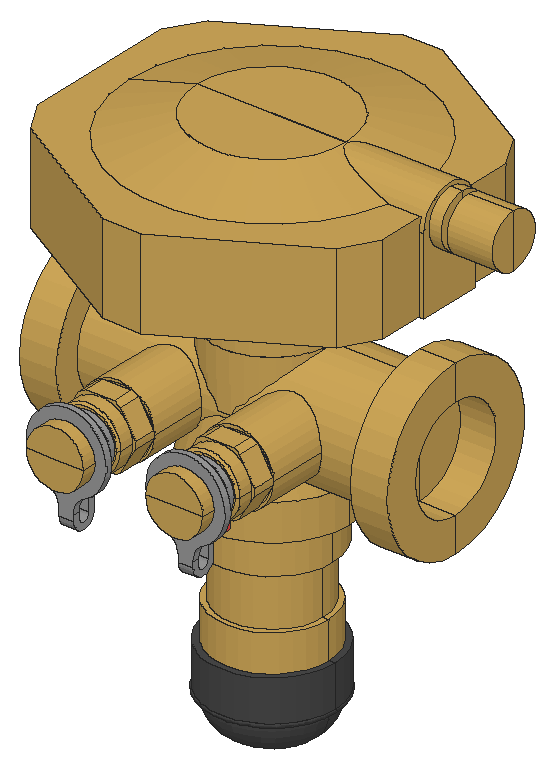
Revit family "Комби-клапан – регулятор расхода 4206_M", category Rohrzubehör, Revit 2018
Family settings
  Bemaßung runder Anschluss = Durchmesser verwenden
  Teiletyp = Unterbricht
  OmniClass-Nummer = 23.65.55.14
  OmniClass-Titel = Valves for Liquid Services
  Arbeitsebenenbasiert = Nein
  Immer vertikal = Ja
  Beim Laden mit Abzugskörper schneiden = Nein
  Gemeinsam genutzt = Nein
Parameters
  Среда = "Качество теплоносителя в соответствии с ÖNORM H5195 и/или предписаниями VDI-Standard 2035.\nРазрешается использование смеси этилен- или пропиленгликоля в соотношении 25-50% с водой."
  Номер заказа [instance] = size_lookup("4206M_", "Artnr", 0, Nennweite)  # 1420613
  Мин. рабочая температура (антифриз) = -20 °C  # constant formula
  Макс. рабочая температура до DN32 = 130 °C  # constant formula
  Макс. рабочая температура от DN40 = 110 °C  # constant formula
  Макс. рабочее давление = 2500000.0 Pa  # constant formula
  URL = "www.herz-armaturen.ru"
  Шпиндель = "Нержавеющая сталь 14301"  # constant formula
  SCRNSEQ = "ARM;ARM_TYP=\"DURR\";2"
  SCRNCODE = "05;04;02"  # constant formula
  S03 [instance] = H08 + (S02 / 2)  # 46.750 mm
  S02 [instance] = H09 + 4.700 mm  # 26.500 mm
  S01 [instance] = G01 * 2  # 42.000 mm
  R12 = 3.900 mm  # constant formula
  R11 = 6.500 mm  # constant formula
  R10 = 35.000 mm  # constant formula
  R09 = 18.250 mm  # constant formula
  R08 = 11.300 mm  # constant formula
  R07 [instance] = size_lookup("4206M_", "R7", 17.300 mm, Nennweite)  # 17.300 mm
  R06 [instance] = size_lookup("4206M_", "R6", 19.000 mm, Nennweite)  # 19.000 mm
  R05 = 15.000 mm  # constant formula
  R04 = 12.500 mm  # constant formula
  R02 [instance] = size_lookup("4206M_", "R2", 15.000 mm, Nennweite)  # 15.000 mm
  R01 [instance] = size_lookup("4206M_", "R1", 11.500 mm, Nennweite)  # 14.800 mm
  PN = 25  # constant formula
  Кольцевое уплотнение O-Ring = "EPDM"  # constant formula
  Nennweite [instance] = 25.000 mm
  Мин. рабочая температура (чистая вода) = 2 °C  # constant formula
  Корпус мембраны = "Латунь CW602N"  # constant formula
  Мембрана = "EPDM"  # constant formula
  L06 [instance] = L00 / 2  # 45.000 mm
  L05 = 11.000 mm  # constant formula
  L04 = 1.500 mm  # constant formula
  L03 = 3.200 mm  # constant formula
  L02 = 43.500 mm  # constant formula
  L01 [instance] = size_lookup("4206M_", "L1", 8.000 mm, Nennweite)  # 8.900 mm
  L00 [instance] = size_lookup("4206M_", "L", 66.000 mm, Nennweite)  # 90.000 mm
  Импульсная трубка = "Медь Cu-DHP (CW024A)"  # constant formula
  Ход = 4.000 mm  # constant formula
  Hersteller = "Herz-Armaturen GmbH"  # constant formula
  H13 [instance] = H02 - H05 - H03 - H04 - 2.000 mm  # 21.700 mm
  H12 = 19.250 mm  # constant formula
  H11 [instance] = size_lookup("4206M_", "H11", 59.000 mm, Nennweite)  # 60.000 mm
  H10 [instance] = H08 + H09  # 55.300 mm
  H09 = 21.800 mm  # constant formula
  H08 [instance] = H01 + H06 + H07  # 33.500 mm
  H07 = 4.000 mm  # constant formula
  H06 [instance] = size_lookup("4206M_", "H6", 10.000 mm, Nennweite)  # 10.000 mm
  H05 = 9.000 mm  # constant formula
  H04 [instance] = size_lookup("4206M_", "H4", 9.600 mm, Nennweite)  # 9.600 mm
  H03 [instance] = size_lookup("4206M_", "H3", 13.000 mm, Nennweite)  # 13.000 mm
  H02 [instance] = size_lookup("4206M_", "H2", 55.300 mm, Nennweite)  # 55.300 mm
  H01 [instance] = size_lookup("4206M_", "H1", 18.500 mm, Nennweite)  # 19.500 mm
  Корпус = "Латунь, устойчивая к селективной цинковой коррозии"  # constant formula
  G03 [instance] = Nennweite / 2  # 12.500 mm
  G02 [instance] = size_lookup("4206M_", "G2", 13.900 mm, Nennweite)  # 13.900 mm
  G01 [instance] = size_lookup("4206M_", "G1", 13.200 mm, Nennweite)  # 21.000 mm
  Пружина = "Пружинная нержавеющая сталь"  # constant formula
  DN50 [instance] = Nennweite = 50.000 mm  # no
  DN40 [instance] = Nennweite = 40.000 mm  # no
  DN32 [instance] = Nennweite = 32.000 mm  # no
  DN25 [instance] = Nennweite = 25.000 mm  # yes
  DN20 [instance] = Nennweite = 20.000 mm  # no
  DN15 [instance] = Nennweite = 15.000 mm  # no
  Защитный колпачок = "Пластик"  # constant formula
  Область применения = "Комби-клапан применяется в системах отопления и охлаждения с насосами. Комби-клапан автоматически ограничивает расход на выбранном участке системы до заданного значения, компенсируя все колебания давления. При этом нет необходимости в измерениях, а регулирование эффективно при любых условиях эксплуатации. Комби-клапан регулирует расход в соответствии с настройкой до заданного значения; на мембрану воздействует давление непосредственно до и после регулирующей части."
Reference planes
  plane 1 "Mitte (Vorne/hinten)": y = 0
  plane 2: z = 0
  plane 3 "Mitte (Links/rechts)": x = 0
Forms (mm)
  Revolve 1, solid, material "Messing, weicher Gelbton, geschweißt", detail levels fine
    sketch origin (0, 0, 0) x (1, 0, 0) y (0, 0, 1)
      loop
        line (-36.1, 0) -> (36.1, 0) -> (36.1, 12.5) -> (45, 12.5) -> (45, 21) -> (36.1, 21) -> (36.1, 14.8) -> (-36.1, 14.8) -> (-36.1, 21) -> (-45, 21) -> (-45, 12.5) -> (-36.1, 12.5) -> (-36.1, 0)
      axis (-45, 0) -> (45, 0)
    angle from 0 to 360
  Revolve 2, solid, material "Messing, weicher Gelbton, geschweißt", detail levels fine
    sketch origin (0, 0, 0) x (1, 0, 0) y (0, 0, 1)
      loop
        line (0, -55.3) -> (0, 19.5) -> (-15, 19.5) -> (-15, 14.8) -> (-14.8, 0) -> (-19, -14.8) -> (-19, -23.7) -> (-15, -23.7) -> (-15, -33.3) -> (-12.5, -33.3) -> (-12.5, -46.3) -> (-13.9, -46.3) -> (-13.9, -55.3) -> (0, -55.3)
      axis (0, 19.5) -> (0, -55.3)
    angle from 0 to 360
  Revolve 3, solid, material "Messing, weicher Gelbton, geschweißt", detail levels fine
    sketch origin (0, 0, 0) x (1, 0, 0) y (0, 0, 1)
      loop
        line (0, 19.5) -> (0, 33.5) -> (-11.3, 33.5) -> (-11.3, 29.5) -> (-17.3, 29.5) -> (-17.3, 19.5) -> (0, 19.5)
      axis (0, 33.5) -> (0, 19.5)
    angle from 0 to 360
  Extrusion 4, solid, material "Messing, weicher Gelbton, geschweißt", detail levels fine
    sketch origin (0, 0, 0) x (0, -1, 0) y (1, 0, 0)
      loop
        line (-46, -4.75) -> (-27.114, -37.462) -> (-18.886, -42.212) -> (18.886, -42.212) -> (27.114, -37.462) -> (46, -4.75) -> (46, 4.75) -> (27.114, 37.462) -> (18.886, 42.212) -> (-18.886, 42.212) -> (-27.114, 37.462) -> (-46, 4.75) -> (-46, -4.75)
    from 33.5 to 55.3
  Revolve 5, solid, material "Messing, weicher Gelbton, geschweißt", detail levels fine
    sketch origin (0, 0, 0) x (1, 0, 0) y (0, 0, 1)
      loop
        line (0, 55.3) -> (0, 60) -> (-18.25, 60) -> (-35, 55.3) -> (0, 55.3)
      axis (0, 60) -> (0, 55.3)
    angle from 0 to 360
  Extrusion 6, solid, material "Messing, weicher Gelbton, geschweißt", detail levels fine
    sketch origin (0, 0, 0) x (0, 1, 0) y (0, 0, 1)
      loop
        arc (7.85, 52.15) -> (0, 60) -> (-7.85, 52.15) r 7.85
        line (-7.85, 52.15) -> (-7.85, 33.5) -> (7.85, 33.5) -> (7.85, 52.15)
    from 0 to 43.5
  Revolve 7, solid, material "Messing, weicher Gelbton, geschweißt", detail levels fine
    sketch origin (0, 0, 0) x (1, 0, 0) y (0, 0, 1)
      loop
        line (43.5, 52.75) -> (59.2, 52.75) -> (59.2, 59.25) -> (48.2, 59.25) -> (48.2, 56.65) -> (46.7, 56.65) -> (46.7, 59.25) -> (43.5, 59.25) -> (43.5, 52.75)
      axis (43.5, 52.75) -> (59.2, 52.75)
    angle from 0 to 360
  Revolve 8, solid, material "Messing, weicher Gelbton, geschweißt", visible <- "DN15", detail levels fine
    sketch origin (0, 0, 0) x (1, 0, 0) y (0, 1, 0)
      loop
        line (-12.5, 24) -> (-20.2, 24) -> (-20.2, 0) -> (-21.5, 0) -> (-21.5, -27) -> (-12.5, -27) -> (-12.5, 24)
      axis (-12.5, 24) -> (-12.5, -27)
    angle from 0 to 360
  Revolve 9, solid, material "Messing, weicher Gelbton, geschweißt", visible <- "DN15", detail levels fine
    sketch origin (-12.5, 0, 0) x (0, 1, 0) y (0, 0, 1)
      loop
        line (24, 0) -> (39.7, 0) -> (39.7, 6.5) -> (28.7, 6.5) -> (28.7, 3.9) -> (27.2, 3.9) -> (27.2, 6.5) -> (24, 6.5) -> (24, 0)
      axis (24, 0) -> (39.7, 0)
    angle from 0 to 360
  Revolve 10, solid, material "Messing, weicher Gelbton, geschweißt", visible <- "DN15", detail levels fine
    sketch origin (0, 0, 0) x (1, 0, 0) y (0, 1, 0)
      loop
        line (12.5, 0) -> (12.5, -27) -> (21.6, -27) -> (21.6, 0) -> (12.5, 0)
      axis (12.5, 0) -> (12.5, -27)
    angle from 0 to 360
  Revolve 11, solid, material "Messing, weicher Gelbton, geschweißt", visible <- "DN20", detail levels fine
    sketch origin (-2, 0, 0) x (1, 0, 0) y (0, 1, 0)
      loop
        line (-12.5, 27) -> (-20.2, 27) -> (-20.2, 0) -> (-21.5, 0) -> (-21.5, -29) -> (-12.5, -29) -> (-12.5, 27)
      axis (-12.5, 27) -> (-12.5, -29)
    angle from 0 to 360
  Revolve 12, solid, material "Messing, weicher Gelbton, geschweißt", visible <- "DN20", detail levels fine
    sketch origin (2, 0, 0) x (1, 0, 0) y (0, 1, 0)
      loop
        line (12.5, 0) -> (12.5, -29) -> (21.6, -29) -> (21.6, 0) -> (12.5, 0)
      axis (12.5, 0) -> (12.5, -29)
    angle from 0 to 360
  Revolve 13, solid, material "Messing, weicher Gelbton, geschweißt", visible <- "DN20", detail levels fine
    sketch origin (-14.5, 3, 0) x (0, 1, 0) y (0, 0, 1)
      loop
        line (24, 0) -> (39.7, 0) -> (39.7, 6.5) -> (28.7, 6.5) -> (28.7, 3.9) -> (27.2, 3.9) -> (27.2, 6.5) -> (24, 6.5) -> (24, 0)
      axis (24, 0) -> (39.7, 0)
    angle from 0 to 360
  Revolve 14, solid, material "Messing, weicher Gelbton, geschweißt", visible <- "DN25", detail levels fine
    sketch origin (-2.1, 0, 0) x (1, 0, 0) y (0, 1, 0)
      loop
        line (-12.5, 27) -> (-20.2, 27) -> (-20.2, 0) -> (-21.5, 0) -> (-21.5, -29) -> (-12.5, -29) -> (-12.5, 27)
      axis (-12.5, 27) -> (-12.5, -29)
    angle from 0 to 360
  Revolve 15, solid, material "Messing, weicher Gelbton, geschweißt", visible <- "DN25", detail levels fine
    sketch origin (-14.6, 3, 0) x (0, 1, 0) y (0, 0, 1)
      loop
        line (24, 0) -> (39.7, 0) -> (39.7, 6.5) -> (28.7, 6.5) -> (28.7, 3.9) -> (27.2, 3.9) -> (27.2, 6.5) -> (24, 6.5) -> (24, 0)
      axis (24, 0) -> (39.7, 0)
    angle from 0 to 360
  Revolve 16, solid, material "Messing, weicher Gelbton, geschweißt", visible <- "DN25", detail levels fine
    sketch origin (2.1, 0, 0) x (1, 0, 0) y (0, 1, 0)
      loop
        line (12.5, 0) -> (12.5, -29) -> (21.6, -29) -> (21.6, 0) -> (12.5, 0)
      axis (12.5, 0) -> (12.5, -29)
    angle from 0 to 360
  Revolve 17, solid, material "Messing, weicher Gelbton, geschweißt", visible <- "DN32", detail levels fine
    sketch origin (0, 0, 0.637) x (1, 0, 0) y (0, 0, 1)
      loop
        line (-31.5, -0.637) -> (-40.5, -0.637) -> (-40.5, -43.437) -> (-31.5, -43.437) -> (-31.5, -0.637)
      axis (-31.5, -43.437) -> (-31.5, -0.637)
    angle from 0 to 360
  Revolve 18, solid, material "Messing, weicher Gelbton, geschweißt", visible <- "DN32", detail levels fine
    sketch origin (0, 0, 0.637) x (-1, 0, 0) y (0, 0, 1)
      loop
        line (-31.5, -0.637) -> (-40.5, -0.637) -> (-40.5, -43.437) -> (-31.5, -43.437) -> (-31.5, -0.637)
      axis (-31.5, -43.437) -> (-31.5, -0.637)
    angle from 0 to 360
  Revolve 19, solid, material "Messing, weicher Gelbton, geschweißt", visible <- "DN40", detail levels fine
    sketch origin (0, 0, 0) x (1, 0, 0) y (0, 0, 1)
      loop
        line (-37, 0) -> (-46, 0) -> (-46, -54.2) -> (-37, -54.2) -> (-37, 0)
      axis (-37, 0) -> (-37, -54.2)
    angle from 0 to 360
  Revolve 20, solid, material "Messing, weicher Gelbton, geschweißt", visible <- "DN40", detail levels fine
    sketch origin (0, 0, 0) x (-1, 0, 0) y (0, 0, 1)
      loop
        line (-37, 0) -> (-46, 0) -> (-46, -54.2) -> (-37, -54.2) -> (-37, 0)
      axis (-37, 0) -> (-37, -54.2)
    angle from 0 to 360
  Revolve 21, solid, material "Messing, weicher Gelbton, geschweißt", visible <- "DN50", detail levels fine
    sketch origin (-0.1, 0, 0) x (1, 0, 0) y (0, 0, 1)
      loop
        line (-37, 0) -> (-46, 0) -> (-46, -54.2) -> (-37, -54.2) -> (-37, 0)
      axis (-37, 0) -> (-37, -54.2)
    angle from 0 to 360
  Revolve 22, solid, material "Messing, weicher Gelbton, geschweißt", visible <- "DN50", detail levels fine
    sketch origin (0.1, 0, 0) x (-1, 0, 0) y (0, 0, 1)
      loop
        line (-37, 0) -> (-46, 0) -> (-46, -54.2) -> (-37, -54.2) -> (-37, 0)
      axis (-37, 0) -> (-37, -54.2)
    angle from 0 to 360
  Revolve 23, solid, material "Messing, weicher Gelbton, geschweißt", visible <- "DN32", detail levels fine
    sketch origin (-9.5, 0, 0) x (1, 0, 0) y (0, 1, 0)
      loop
        line (-12.5, -31) -> (-12.5, 0) -> (-20.2, 0) -> (-20.2, -31) -> (-12.5, -31)
      axis (-12.5, 0) -> (-12.5, -31)
    angle from 0 to 360
  Revolve 24, solid, material "Messing, weicher Gelbton, geschweißt", visible <- "DN32", detail levels fine
    sketch origin (-22, -7, 0) x (0, -1, 0) y (0, 0, -1)
      loop
        line (24, 0) -> (24, -6.5) -> (27.2, -6.5) -> (27.2, -3.9) -> (28.7, -3.9) -> (28.7, -6.5) -> (39.7, -6.5) -> (39.7, 0) -> (24, 0)
      axis (24, 0) -> (39.7, 0)
    angle from 0 to 360
  Revolve 25, solid, material "Messing, weicher Gelbton, geschweißt", visible <- "DN40", detail levels fine
    sketch origin (-17.5, 0, 0) x (1, 0, 0) y (0, 1, 0)
      loop
        line (-12.5, -39.5) -> (-12.5, 0) -> (-20.2, 0) -> (-20.2, -39.5) -> (-12.5, -39.5)
      axis (-12.5, 0) -> (-12.5, -39.5)
    angle from 0 to 360
  Revolve 26, solid, material "Messing, weicher Gelbton, geschweißt", visible <- "DN40", detail levels fine
    sketch origin (-30, -15.5, 0) x (0, -1, 0) y (0, 0, -1)
      loop
        line (24, 0) -> (24, -6.5) -> (27.2, -6.5) -> (27.2, -3.9) -> (28.7, -3.9) -> (28.7, -6.5) -> (39.7, -6.5) -> (39.7, 0) -> (24, 0)
      axis (24, 0) -> (39.7, 0)
    angle from 0 to 360
  Revolve 27, solid, material "Messing, weicher Gelbton, geschweißt", visible <- "DN50", detail levels fine
    sketch origin (-17.6, 0, 0) x (1, 0, 0) y (0, 1, 0)
      loop
        line (-12.5, -39.5) -> (-12.5, 0) -> (-20.2, 0) -> (-20.2, -39.5) -> (-12.5, -39.5)
      axis (-12.5, 0) -> (-12.5, -39.5)
    angle from 0 to 360
  Revolve 28, solid, material "Messing, weicher Gelbton, geschweißt", visible <- "DN50", detail levels fine
    sketch origin (-30.1, -15.5, 0) x (0, -1, 0) y (0, 0, -1)
      loop
        line (24, 0) -> (24, -6.5) -> (27.2, -6.5) -> (27.2, -3.9) -> (28.7, -3.9) -> (28.7, -6.5) -> (39.7, -6.5) -> (39.7, 0) -> (24, 0)
      axis (24, 0) -> (39.7, 0)
    angle from 0 to 360
Lines and regions (mm)
  model lines, detail levels coarse+medium
    curve 1: line (-45, 0, 21) -> (-45, 0, -21)
    curve 2: line (-45, 0, -21) -> (45, 0, 21)
    curve 3: line (45, 0, 21) -> (45, 0, -21)
    curve 4: line (45, 0, -21) -> (-45, 0, 21)
    curve 5: line (0, 0, 19.5) -> (0, 0, 33.5)
    curve 6: spline (-43.5, 0, 46.75) -> (-42.018, 0, 50.179) -> (-37.672, 0, 53.375) -> (-30.759, 0, 56.119) -> (-21.75, 0, 58.225) -> (-11.259, 0, 59.549) -> (0, 0, 60) -> (11.259, 0, 59.549) -> (21.75, 0, 58.225) -> (30.759, 0, 56.119) -> (37.672, 0, 53.375) -> (42.018, 0, 50.179) -> (43.5, 0, 46.75) -> (42.018, 0, 43.321) -> (37.672, 0, 40.125) -> (30.759, 0, 37.381) -> (21.75, 0, 35.275) -> (11.259, 0, 33.951) -> (0, 0, 33.5) -> (-11.259, 0, 33.951) -> (-21.75, 0, 35.275) -> (-30.759, 0, 37.381) -> (-37.672, 0, 40.125) -> (-42.018, 0, 43.321) -> (-43.5, 0, 46.75)
    curve 7: line (-45, 21, 0) -> (-45, -21, 0)
    curve 8: line (-45, -21, 0) -> (45, 21, 0)
    curve 9: line (45, 21, 0) -> (45, -21, 0)
    curve 10: line (45, -21, 0) -> (-45, 21, 0)
    curve 11: line (0, -19.5, 0) -> (0, -33.5, 0)
    curve 12: spline (-43.5, -46.75, 0) -> (-42.018, -50.179, 0) -> (-37.672, -53.375, 0) -> (-30.759, -56.119, 0) -> (-21.75, -58.225, 0) -> (-11.259, -59.549, 0) -> (0, -60, 0) -> (11.259, -59.549, 0) -> (21.75, -58.225, 0) -> (30.759, -56.119, 0) -> (37.672, -53.375, 0) -> (42.018, -50.179, 0) -> (43.5, -46.75, 0) -> (42.018, -43.321, 0) -> (37.672, -40.125, 0) -> (30.759, -37.381, 0) -> (21.75, -35.275, 0) -> (11.259, -33.951, 0) -> (0, -33.5, 0) -> (-11.259, -33.951, 0) -> (-21.75, -35.275, 0) -> (-30.759, -37.381, 0) -> (-37.672, -40.125, 0) -> (-42.018, -43.321, 0) -> (-43.5, -46.75, 0)
    curve 13: line (0, 0, 19.5) -> (-22.5, 0, 10.5)
    curve 14: line (0, 0, 19.5) -> (22.5, 0, 10.5)
    curve 15: line (0, -19.5, 0) -> (-22.5, -10.5, 0)
    curve 16: line (0, -19.5, 0) -> (22.5, -10.5, 0)
Dimensions and locks
  equal spacing: Revolve 1 sketch curve, plane 3 "Mitte (Links/rechts)", Revolve 1 sketch curve
  "L00": Revolve 1 sketch curve to Revolve 1 sketch curve
  "G01": Revolve 1 sketch curve to Revolve 1 sketch curve  (x2)
  "R01": Revolve 1 sketch curve to Revolve 1 sketch curve
  "L01": Revolve 1 sketch curve to Revolve 1 sketch curve  (x4)
  "H01": Revolve 2 sketch curve to plane 2
  "R01": Revolve 2 sketch curve to plane 2
  "R02": Revolve 2 sketch curve to Revolve 2 sketch curve
  "R01": Revolve 2 sketch curve to Revolve 2 sketch curve
  "H02": plane 2 to Revolve 2 sketch curve
  "G02": plane 3 "Mitte (Links/rechts)" to Revolve 2 sketch curve
  "H05": Revolve 2 sketch curve to Revolve 2 sketch curve
  "R04": Revolve 2 sketch curve to Revolve 2 sketch curve
  "R05": Revolve 2 sketch curve to Revolve 2 sketch curve
  "R06": Revolve 2 sketch curve to Revolve 2 sketch curve
  "R01": plane 2 to Revolve 2 sketch curve
  "H03": Revolve 2 sketch curve to Revolve 2 sketch curve
  "H04": Revolve 2 sketch curve to Revolve 2 sketch curve
  "H01": Revolve 3 sketch curve to plane 2
  "H06": Revolve 3 sketch curve to Revolve 3 sketch curve
  "R07": Revolve 3 sketch curve to Revolve 3 sketch curve
  "H07": Revolve 3 sketch curve to Revolve 3 sketch curve
  "R08": Revolve 3 sketch curve to Revolve 3 sketch curve
  "H08": Extrusion 4 to plane 2
  "H09": Extrusion 4 to Extrusion 4
  "H10": Revolve 5 sketch curve to plane 2
  "H11": Revolve 5 sketch curve to plane 2
  "R09": Revolve 5 sketch curve to Revolve 5 sketch curve
  "R10": Revolve 5 sketch curve to Revolve 5 sketch curve
  "L02": Extrusion 6 to plane 3 "Mitte (Links/rechts)"
  "H08": Extrusion 6 to plane 2
  "H12": Revolve 7 sketch curve to Extrusion 4
  "R11": Revolve 7 sketch curve to Revolve 7 sketch curve  (x2)
  "L03": Revolve 7 sketch curve to Revolve 7 sketch curve
  "L04": Revolve 7 sketch curve to Revolve 7 sketch curve
  "L05": Revolve 7 sketch curve to Revolve 7 sketch curve
  "R12": Revolve 7 sketch curve to Revolve 7 sketch curve
  "R11": Revolve 9 sketch curve to Revolve 9 sketch curve  (x2)
  "L03": Revolve 9 sketch curve to Revolve 9 sketch curve
  "L04": Revolve 9 sketch curve to Revolve 9 sketch curve
  "L05": Revolve 9 sketch curve to Revolve 9 sketch curve
  "R12": Revolve 9 sketch curve to Revolve 9 sketch curve
  "R06": plane 1 "Mitte (Vorne/hinten)" to nested 1
  Revolve 11 sketch curve to plane 1 "Mitte (Vorne/hinten)" = 29.000 mm
  plane 1 "Mitte (Vorne/hinten)" to Revolve 11 sketch curve = 27.000 mm
  Revolve 12 sketch curve to plane 1 "Mitte (Vorne/hinten)" = 29.000 mm
  "R11": Revolve 13 sketch curve to Revolve 13 sketch curve  (x2)
  "L03": Revolve 13 sketch curve to Revolve 13 sketch curve
  "L04": Revolve 13 sketch curve to Revolve 13 sketch curve
  "L05": Revolve 13 sketch curve to Revolve 13 sketch curve
  "R12": Revolve 13 sketch curve to Revolve 13 sketch curve
  "H13": plane 2 to nested 1
  "R11": Revolve 15 sketch curve to Revolve 15 sketch curve  (x2)
  "L03": Revolve 15 sketch curve to Revolve 15 sketch curve
  "L04": Revolve 15 sketch curve to Revolve 15 sketch curve
  "L05": Revolve 15 sketch curve to Revolve 15 sketch curve
  "R12": Revolve 15 sketch curve to Revolve 15 sketch curve
  plane 3 "Mitte (Links/rechts)" to Revolve 17 sketch curve = 31.500 mm
  Revolve 17 sketch curve to Revolve 17 sketch curve = 9.000 mm
  plane 2 to Revolve 17 sketch curve = 42.800 mm
  Revolve 18 sketch curve to Revolve 18 sketch curve = 9.000 mm
  "H02": plane 2 to nested 2
  "G03": Revolve 1 sketch curve to plane 2  (x2)
  "S01": curve 4 to curve 2
  equal spacing: curve 4, plane 2, curve 2
  "S01": curve 3 to curve 4
  equal spacing: curve 3, plane 2, curve 4
  equal spacing: curve 1, plane 3 "Mitte (Links/rechts)", curve 3
  "L00": curve 1 to curve 3
  "H08": curve 5 to plane 2
  "S02": curve 6 to curve 6
  "L02": curve 6 to plane 3 "Mitte (Links/rechts)" to curve 6
  equal spacing: curve 7, plane 3 "Mitte (Links/rechts)", curve 9
  "L00": curve 7 to curve 9
  "S01": curve 10 to curve 8
  equal spacing: curve 8, plane 1 "Mitte (Vorne/hinten)", curve 10
  equal spacing: curve 10, plane 1 "Mitte (Vorne/hinten)", curve 9
  "S01": curve 9 to curve 10
  "H08": curve 11 to plane 1 "Mitte (Vorne/hinten)"
  "S03": curve 6 to plane 2
  "S02": curve 12 to curve 12
  "L02": curve 12 to plane 3 "Mitte (Links/rechts)" to curve 12
  "S03": curve 12 to plane 1 "Mitte (Vorne/hinten)"
  equal spacing: plane 3 "Mitte (Links/rechts)", curve 13, curve 4
  equal spacing: curve 3, curve 14, plane 3 "Mitte (Links/rechts)"
  equal spacing: plane 3 "Mitte (Links/rechts)", curve 15, curve 8
  equal spacing: curve 10, curve 16, plane 3 "Mitte (Links/rechts)"
  "H01": curve 14 to plane 2
  "H01": curve 16 to plane 1 "Mitte (Vorne/hinten)"
  "R11": Revolve 24 sketch curve to Revolve 24 sketch curve  (x2)
  "L03": Revolve 24 sketch curve to Revolve 24 sketch curve
  "L04": Revolve 24 sketch curve to Revolve 24 sketch curve
  "L05": Revolve 24 sketch curve to Revolve 24 sketch curve
  "R12": Revolve 24 sketch curve to Revolve 24 sketch curve
  Revolve 23 sketch curve to Revolve 23 sketch curve = 31.000 mm
  "R11": Revolve 26 sketch curve to Revolve 26 sketch curve  (x2)
  "L03": Revolve 26 sketch curve to Revolve 26 sketch curve
  "L04": Revolve 26 sketch curve to Revolve 26 sketch curve
  "L05": Revolve 26 sketch curve to Revolve 26 sketch curve
  "R12": Revolve 26 sketch curve to Revolve 26 sketch curve
  Revolve 25 sketch curve to Revolve 25 sketch curve = 39.500 mm
  "R11": Revolve 28 sketch curve to Revolve 28 sketch curve  (x2)
  "L03": Revolve 28 sketch curve to Revolve 28 sketch curve
  "L04": Revolve 28 sketch curve to Revolve 28 sketch curve
  "L05": Revolve 28 sketch curve to Revolve 28 sketch curve
  "R12": Revolve 28 sketch curve to Revolve 28 sketch curve
  Revolve 27 sketch curve to Revolve 27 sketch curve = 39.500 mm
  aligned and locked: level to plane 2
Automatic sketch dimensions
  plane 3 "Mitte (Links/rechts)" to Extrusion 4 sketch curve = 4.750 mm  (x2)
  Extrusion 4 sketch curve to plane 1 "Mitte (Vorne/hinten)" = 46.000 mm
  Extrusion 4 sketch curve to plane 1 "Mitte (Vorne/hinten)" = 27.114 mm  (x2)
  Extrusion 4 sketch curve to Extrusion 4 sketch curve = 8.227 mm  (x4)
  plane 1 "Mitte (Vorne/hinten)" to Extrusion 4 sketch curve = 18.886 mm  (x2)
  Extrusion 4 sketch curve to Extrusion 4 sketch curve = 18.886 mm
  Extrusion 4 sketch curve to plane 3 "Mitte (Links/rechts)" = 4.750 mm  (x2)
  Extrusion 4 sketch curve to plane 3 "Mitte (Links/rechts)" = 37.462 mm  (x2)
  Extrusion 4 sketch curve to Extrusion 4 sketch curve = 4.750 mm  (x2)
  plane 3 "Mitte (Links/rechts)" to Extrusion 4 sketch curve = 37.462 mm  (x2)
  Extrusion 6 sketch curve to plane 1 "Mitte (Vorne/hinten)" = 0.000 mm
  plane 1 "Mitte (Vorne/hinten)" to Extrusion 6 sketch curve = 7.850 mm
  level to Extrusion 6 sketch curve = 33.500 mm
  Extrusion 6 sketch curve to Extrusion 6 sketch curve = 18.650 mm
  Extrusion 6 sketch curve to Extrusion 6 sketch curve = 0.000 mm
  plane 1 "Mitte (Vorne/hinten)" to Revolve 8 sketch curve = 0.000 mm
  Revolve 8 sketch curve to plane 3 "Mitte (Links/rechts)" = 21.500 mm
  Revolve 8 sketch curve to plane 3 "Mitte (Links/rechts)" = 20.200 mm
  Revolve 8 sketch curve to Revolve 8 sketch curve = 7.700 mm
  plane 1 "Mitte (Vorne/hinten)" to Revolve 8 sketch curve = 27.000 mm
  Revolve 8 sketch curve to plane 1 "Mitte (Vorne/hinten)" = 24.000 mm
  Revolve 8 sketch curve to Revolve 8 sketch curve = 0.000 mm  (x3)
  plane 1 "Mitte (Vorne/hinten)" to Revolve 10 sketch curve = 0.000 mm  (x2)
  plane 3 "Mitte (Links/rechts)" to Revolve 10 sketch curve = 12.500 mm
  Revolve 10 sketch curve to Revolve 10 sketch curve = 9.100 mm
  plane 1 "Mitte (Vorne/hinten)" to Revolve 10 sketch curve = 27.000 mm
  Revolve 10 sketch curve to Revolve 10 sketch curve = 0.000 mm  (x2)
  plane 1 "Mitte (Vorne/hinten)" to Revolve 11 sketch curve = 0.000 mm
  Revolve 11 sketch curve to plane 3 "Mitte (Links/rechts)" = 23.500 mm
  Revolve 11 sketch curve to plane 3 "Mitte (Links/rechts)" = 22.200 mm
  Revolve 11 sketch curve to Revolve 11 sketch curve = 7.700 mm
  Revolve 11 sketch curve to Revolve 11 sketch curve = 0.000 mm
  Revolve 11 sketch curve to Revolve 11 sketch curve = 2.000 mm
  Revolve 11 sketch curve to Revolve 11 sketch curve = 3.000 mm
  plane 1 "Mitte (Vorne/hinten)" to Revolve 12 sketch curve = 0.000 mm  (x2)
  plane 3 "Mitte (Links/rechts)" to Revolve 12 sketch curve = 14.500 mm
  Revolve 12 sketch curve to Revolve 12 sketch curve = 9.100 mm
  Revolve 12 sketch curve to Revolve 12 sketch curve = 0.000 mm
  Revolve 12 sketch curve to Revolve 12 sketch curve = 2.000 mm
  plane 1 "Mitte (Vorne/hinten)" to Revolve 14 sketch curve = 0.000 mm
  Revolve 14 sketch curve to plane 3 "Mitte (Links/rechts)" = 23.600 mm
  Revolve 14 sketch curve to plane 3 "Mitte (Links/rechts)" = 22.300 mm
  Revolve 14 sketch curve to Revolve 14 sketch curve = 7.700 mm
  plane 1 "Mitte (Vorne/hinten)" to Revolve 14 sketch curve = 29.000 mm
  Revolve 14 sketch curve to Revolve 14 sketch curve = 27.000 mm
  Revolve 14 sketch curve to Revolve 14 sketch curve = 0.000 mm
  Revolve 14 sketch curve to Revolve 14 sketch curve = 2.000 mm
  Revolve 14 sketch curve to Revolve 14 sketch curve = 3.000 mm
  plane 1 "Mitte (Vorne/hinten)" to Revolve 16 sketch curve = 0.000 mm  (x2)
  plane 3 "Mitte (Links/rechts)" to Revolve 16 sketch curve = 14.600 mm
  Revolve 16 sketch curve to Revolve 16 sketch curve = 9.100 mm
  Revolve 16 sketch curve to Revolve 16 sketch curve = 29.000 mm
  Revolve 16 sketch curve to Revolve 16 sketch curve = 0.000 mm
  Revolve 16 sketch curve to Revolve 16 sketch curve = 2.000 mm
  Revolve 17 sketch curve to level = 0.000 mm
  Revolve 17 sketch curve to Revolve 17 sketch curve = 0.000 mm
  Revolve 17 sketch curve to Revolve 17 sketch curve = 4.238 mm
  level to Revolve 17 sketch curve = 0.637 mm
  Revolve 18 sketch curve to level = 0.000 mm
  Revolve 18 sketch curve to plane 3 "Mitte (Links/rechts)" = 40.500 mm
  level to Revolve 18 sketch curve = 42.800 mm
  Revolve 18 sketch curve to Revolve 18 sketch curve = 0.000 mm
  Revolve 18 sketch curve to Revolve 18 sketch curve = 4.238 mm
  Revolve 18 sketch curve to level = 0.637 mm
  Revolve 19 sketch curve to level = 0.000 mm  (x2)
  Revolve 19 sketch curve to plane 3 "Mitte (Links/rechts)" = 46.000 mm
  Revolve 19 sketch curve to Revolve 19 sketch curve = 9.000 mm
  Revolve 19 sketch curve to level = 54.200 mm
  Revolve 19 sketch curve to Revolve 19 sketch curve = 0.000 mm  (x2)
  Revolve 20 sketch curve to level = 0.000 mm  (x2)
  Revolve 20 sketch curve to plane 3 "Mitte (Links/rechts)" = 46.000 mm
  Revolve 20 sketch curve to Revolve 20 sketch curve = 9.000 mm
  level to Revolve 20 sketch curve = 54.200 mm
  Revolve 20 sketch curve to Revolve 20 sketch curve = 0.000 mm  (x2)
  Revolve 21 sketch curve to level = 0.000 mm  (x2)
  Revolve 21 sketch curve to plane 3 "Mitte (Links/rechts)" = 46.100 mm
  Revolve 21 sketch curve to Revolve 21 sketch curve = 9.000 mm
  Revolve 21 sketch curve to Revolve 21 sketch curve = 54.200 mm
  Revolve 21 sketch curve to Revolve 21 sketch curve = 0.000 mm  (x2)
  Revolve 22 sketch curve to level = 0.000 mm  (x2)
  Revolve 22 sketch curve to plane 3 "Mitte (Links/rechts)" = 46.100 mm
  Revolve 22 sketch curve to Revolve 22 sketch curve = 9.000 mm
  Revolve 22 sketch curve to Revolve 22 sketch curve = 54.200 mm
  Revolve 22 sketch curve to Revolve 22 sketch curve = 0.000 mm  (x2)
  plane 1 "Mitte (Vorne/hinten)" to Revolve 23 sketch curve = 0.000 mm  (x2)
  Revolve 23 sketch curve to plane 3 "Mitte (Links/rechts)" = 29.700 mm
  Revolve 23 sketch curve to Revolve 23 sketch curve = 7.700 mm
  Revolve 23 sketch curve to Revolve 23 sketch curve = 0.000 mm
  Revolve 23 sketch curve to Revolve 23 sketch curve = 7.000 mm
  plane 1 "Mitte (Vorne/hinten)" to Revolve 25 sketch curve = 0.000 mm  (x2)
  Revolve 25 sketch curve to plane 3 "Mitte (Links/rechts)" = 37.700 mm
  Revolve 25 sketch curve to Revolve 25 sketch curve = 7.700 mm
  Revolve 25 sketch curve to Revolve 25 sketch curve = 0.000 mm
  Revolve 25 sketch curve to Revolve 25 sketch curve = 15.500 mm
  plane 1 "Mitte (Vorne/hinten)" to Revolve 27 sketch curve = 0.000 mm  (x2)
  Revolve 27 sketch curve to plane 3 "Mitte (Links/rechts)" = 37.800 mm
  Revolve 27 sketch curve to Revolve 27 sketch curve = 7.700 mm
  Revolve 27 sketch curve to Revolve 27 sketch curve = 0.000 mm
  Revolve 27 sketch curve to Revolve 27 sketch curve = 15.500 mm
  curve 13 to plane 3 "Mitte (Links/rechts)" = 0.000 mm
  curve 15 to plane 3 "Mitte (Links/rechts)" = 0.000 mm
  Revolve 1 sketch curve to level = 0.000 mm  (x2)
  Revolve 1 sketch curve to Revolve 1 sketch curve = 0.000 mm
  Revolve 1 sketch curve to Revolve 1 sketch curve = 1806.148 mm
  Revolve 2 sketch curve to level = 0.000 mm
  Revolve 2 sketch curve to plane 3 "Mitte (Links/rechts)" = 0.000 mm  (x2)
  Revolve 2 sketch curve to Revolve 2 sketch curve = 310.745 mm
  Revolve 2 sketch curve to Revolve 2 sketch curve = 2195.815 mm
  Revolve 3 sketch curve to plane 3 "Mitte (Links/rechts)" = 0.000 mm  (x2)
  Revolve 3 sketch curve to level = 366.045 mm
  Revolve 3 sketch curve to Revolve 3 sketch curve = 2178.815 mm
  Revolve 5 sketch curve to plane 3 "Mitte (Links/rechts)" = 0.000 mm  (x2)
  Revolve 5 sketch curve to level = 366.045 mm
  Revolve 5 sketch curve to Revolve 5 sketch curve = 2155.315 mm
  plane 3 "Mitte (Links/rechts)" to Revolve 7 sketch curve = 43.500 mm
  Revolve 7 sketch curve to Revolve 7 sketch curve = 0.000 mm  (x3)
  Revolve 9 sketch curve to level = 0.000 mm  (x2)
  Revolve 9 sketch curve to plane 1 "Mitte (Vorne/hinten)" = 24.000 mm
  Revolve 9 sketch curve to Revolve 9 sketch curve = 0.000 mm  (x2)
  Revolve 13 sketch curve to level = 0.000 mm  (x2)
  Revolve 13 sketch curve to plane 1 "Mitte (Vorne/hinten)" = 27.000 mm
  Revolve 13 sketch curve to Revolve 13 sketch curve = 0.000 mm  (x2)
  Revolve 15 sketch curve to level = 0.000 mm  (x2)
  Revolve 15 sketch curve to plane 1 "Mitte (Vorne/hinten)" = 27.000 mm
  Revolve 15 sketch curve to Revolve 15 sketch curve = 0.000 mm  (x2)
  Revolve 24 sketch curve to level = 0.000 mm  (x2)
  plane 1 "Mitte (Vorne/hinten)" to Revolve 24 sketch curve = 31.000 mm
  Revolve 24 sketch curve to Revolve 24 sketch curve = 0.000 mm  (x2)
  Revolve 26 sketch curve to level = 0.000 mm  (x2)
  plane 1 "Mitte (Vorne/hinten)" to Revolve 26 sketch curve = 39.500 mm
  Revolve 26 sketch curve to Revolve 26 sketch curve = 0.000 mm  (x2)
  Revolve 28 sketch curve to level = 0.000 mm  (x2)
  plane 1 "Mitte (Vorne/hinten)" to Revolve 28 sketch curve = 39.500 mm
  Revolve 28 sketch curve to Revolve 28 sketch curve = 0.000 mm  (x2)
Nested families
  nested 1: "Herz-Logo-vorne" at (-0.018, -19, -17.2) x (0, 1, 0) z (0, 0, 1), type "Herz-Logo-vorne", detail levels fine
  nested 2: "Bauschutzkappe für Kombiventil" at (0, 0, -55.3), type "Bauschutzkappe für Kombiventil", detail levels fine
  nested 3: "Messstutzen_Band_Eintritt" at (-14.6, -11.5, 0), visible <- "DN25", type "Messstutzen_Band_Eintritt"
    with Schutzkappe yes, Nennweite 0.000 mm, Gewicht 0.00 kg, Bestellnummer 0
  nested 4: "Messstutzen_Band_Eintritt" at (-14.5, -11.5, 0), visible <- "DN20", type "Messstutzen_Band_Eintritt"
    with Schutzkappe yes, Nennweite 0.000 mm, Gewicht 0.00 kg, Bestellnummer 0
  nested 5: "Messstutzen_Band_Eintritt" at (-12.5, -9.5, 0), visible <- "DN15", type "Messstutzen_Band_Eintritt"
    with Schutzkappe yes, Nennweite 0.000 mm, Gewicht 0.00 kg, Bestellnummer 0
  nested 6: "Messstutzen_Band_Austritt" at (14.6, -11.5, 0), visible <- "DN25", type "Messstutzen_Band_Austritt"
    with Schutzkappe yes, Nennweite 0.000 mm, Gewicht 0.00 kg, Bestellnummer 0
  nested 7: "Messstutzen_Band_Austritt" at (14.5, -11.5, 0), visible <- "DN20", type "Messstutzen_Band_Austritt"
    with Schutzkappe yes, Nennweite 0.000 mm, Gewicht 0.00 kg, Bestellnummer 0
  nested 8: "Messstutzen_Band_Austritt" at (12.5, -9.5, 0), visible <- "DN15", type "Messstutzen_Band_Austritt"
    with Schutzkappe yes, Nennweite 0.000 mm, Gewicht 0.00 kg, Bestellnummer 0
  nested 9: "Messstutzen_Band_Eintritt_senkrecht" at (-31.5, 0, -25.3), visible <- "DN32", type "Messstutzen_Band_Eintritt_senkrecht"
    with Schutzkappe yes, Nennweite 0.000 mm, Gewicht 0.00 kg, Bestellnummer 0
  nested 10: "Messstutzen_Band_Austritt_senkrecht" at (31.5, 0, -25.3), visible <- "DN32", type "Messstutzen_Band_Austritt_senkrecht"
    with Schutzkappe yes, Nennweite 0.000 mm, Gewicht 0.00 kg, Bestellnummer 0
  nested 11: "Messstutzen_Band_Eintritt_senkrecht" at (-37.1, 0, -36.7), visible <- "DN50", type "Messstutzen_Band_Eintritt_senkrecht"
    with Schutzkappe yes, Nennweite 0.000 mm, Gewicht 0.00 kg, Bestellnummer 0
  nested 12: "Messstutzen_Band_Eintritt_senkrecht" at (-37, 0, -36.7), visible <- "DN40", type "Messstutzen_Band_Eintritt_senkrecht"
    with Schutzkappe yes, Nennweite 0.000 mm, Gewicht 0.00 kg, Bestellnummer 0
  nested 13: "Messstutzen_Band_Austritt_senkrecht" at (37.1, 0, -36.7), visible <- "DN50", type "Messstutzen_Band_Austritt_senkrecht"
    with Schutzkappe yes, Nennweite 0.000 mm, Gewicht 0.00 kg, Bestellnummer 0
  nested 14: "Messstutzen_Band_Austritt_senkrecht" at (37, 0, -36.7), visible <- "DN40", type "Messstutzen_Band_Austritt_senkrecht"
    with Schutzkappe yes, Nennweite 0.000 mm, Gewicht 0.00 kg, Bestellnummer 0
Connectors
  piping at (-36.1, 0, 0), diameter 25, driven by "Nennweite"
    settings: on Revolve 1, index 1, connector inside diameter 609.6 mm, connector length 0.000 mm, flow factor 0, pipe flow 0.0 L/s, pressure drop 0.0 Pa, fitting loss kfactor 0, connector angle 0.00°, fixture units 0, engagement length 0.000 mm, angle of deflection 0.00°, flow configuration 0, flow direction 2, fitting loss method 0, system type 29, joint type 0, gender type 0, connector reference index -1, connector utility 0, adjustable connector no, is connector primary yes, connector description ""
  piping at (36.1, 0, 0), diameter 25, driven by "Nennweite"
    settings: on Revolve 1, index 2, connector inside diameter 609.6 mm, connector length 0.000 mm, flow factor 0, pipe flow 0.0 L/s, pressure drop 0.0 Pa, fitting loss kfactor 0, connector angle 0.00°, fixture units 0, engagement length 0.000 mm, angle of deflection 0.00°, flow configuration 0, flow direction 1, fitting loss method 0, system type 29, joint type 0, gender type 0, connector reference index -1, connector utility 0, adjustable connector no, is connector primary no, connector description ""
Definition of nested family "Herz-Logo-vorne"
  Reference planes
    plane 1 "Mitte (Vorne/hinten)": y = 0
    plane 2: z = 0
    plane 3 "Mitte (Links/rechts)": x = 0
  Forms (mm)
    Extrusion 1, solid
      sketch origin (0.732, -0.018, 0.017) x (0, -1, 0) y (0, 0, 1)
        loop
          line (-0.018, -4.517) -> (4.482, -4.517) -> (4.482, 4.483) -> (-4.518, 4.483) -> (-4.518, -4.517) -> (-0.018, -4.517)
        loop
          line (-0.05, -3.48) -> (3.482, -3.48) -> (3.482, 3.483) -> (-3.518, 3.483) -> (-3.518, -3.48) -> (-0.05, -3.48)
        loop
          arc (-0.018, 2.383) -> (-1.543, 3.287) -> (-3.067, 2.383) r 1.738
          arc (-3.067, 2.383) -> (-3.191, 1.899) -> (-3.067, 1.415) r 1.009
          line (-3.067, 1.415) -> (-0.018, -3.281) -> (3.032, 1.415)
          arc (3.032, 1.415) -> (3.156, 1.899) -> (3.032, 2.383) r 1.009
          arc (3.032, 2.383) -> (1.507, 3.287) -> (-0.018, 2.383) r 1.738
        loop
          arc (1.885, 1.272) -> (2.005, 1.675) -> (1.885, 2.079) r 0.74
          arc (1.885, 2.079) -> (1.265, 2.416) -> (0.644, 2.079) r 0.74
          line (0.644, 2.079) -> (-0.018, 0.97) -> (-0.679, 2.079)
          arc (-0.679, 2.079) -> (-1.3, 2.416) -> (-1.921, 2.079) r 0.74
          arc (-1.921, 2.079) -> (-2.04, 1.675) -> (-1.921, 1.272) r 0.74
          line (-1.921, 1.272) -> (-0.018, -1.658) -> (1.885, 1.272)
      from 0 to 1.5
  Dimensions and locks
    aligned and locked: level to plane 2
Definition of nested family "Bauschutzkappe für Kombiventil"
  Reference planes
    plane 1 "Mitte (Vorne/hinten)": y = 0
    plane 2: z = 0
    plane 3 "Mitte (Links/rechts)": x = 0
  Forms (mm)
    Revolve 1, solid
      sketch origin (0, 0, 0) x (1, 0, 0) y (0, 0, 1)
        loop
          line (0, 0) -> (-15.5, 0) -> (-15.5, -10.067)
          arc (-15.5, -10.067) -> (-15.733, -10.629) -> (-15.25, -11) r 0.5
          line (-15.25, -11) -> (-14.093, -11)
          arc (-14.093, -11) -> (-11.457, -17.364) -> (-5.093, -20) r 9
          line (-5.093, -20) -> (0, -20) -> (0, 0)
        axis (0, 0) -> (0, -20)
      angle from 0 to 360
  Dimensions and locks
    aligned and locked: level to plane 2
Definition of nested family "Messstutzen_Band_Eintritt"
  Parameters (values of type "Messstutzen_Band_Eintritt")
    URL = "www.herz-armaturen.at"
    Schutzkappe [instance] = yes
    Nennweite [instance] = 0.000 mm
    Manufacturer = "Herz Armaturen GmbH"  # constant formula
    Gewicht [instance] = 0.00 kg
    Bestellnummer [instance] = 0
  Reference planes
    plane 1 "Mitte (Vorne/hinten)": y = 0
    plane 2: z = 0
    plane 3 "Mitte (Links/rechts)": x = 0
    plane 4 "Schlaufe 1": y = -27
    plane 5 "Schlaufe 2": y = -31.678
  Forms (mm)
    Revolve 1, solid, detail levels fine
      sketch origin (0, 0, 0) x (1, 0, 0) y (0, 1, 0)
        loop
          line (-7.4, -9) -> (-7.4, -16.5)
          arc (-7.4, -16.5) -> (-7.693, -17.207) -> (-8.4, -17.5) r 1
          line (-8.4, -17.5) -> (-2, -17.5) -> (-2, 0) -> (-5.555, 0) -> (-6.455, -0.9) -> (-6.455, -4.681) -> (-5.843, -5.293)
          arc (-5.843, -5.293) -> (-5.626, -5.617) -> (-5.55, -6) r 1
          line (-5.55, -6) -> (-5.55, -9) -> (-7.4, -9)
        loop
          line (-3.7, -27) -> (-3.7, -30.45) -> (-4.415, -30.863) -> (-4.415, -35.19) -> (-3.805, -35.8) -> (-2, -35.8) -> (-2, -23) -> (-7.9, -23) -> (-7.9, -26.4) -> (-7.3, -27) -> (-3.7, -27)
        axis (0, 0) -> (0, -35.8)
      angle from 0 to 360
    Extrusion 2, solid, detail levels fine
      sketch origin (0, -17.5, 0) x (-1, 0, 0) y (0, 0, -1)
        loop
          line (5.156, -7.07) -> (8.7, -0.93)
          arc (8.7, -0.93) -> (8.75, 0) -> (8.7, 0.93) r 8.75
          line (8.7, 0.93) -> (5.156, 7.07)
          arc (5.156, 7.07) -> (4.375, 7.578) -> (3.544, 8) r 8.75
          line (3.544, 8) -> (-3.544, 8)
          arc (-3.544, 8) -> (-4.375, 7.578) -> (-5.156, 7.07) r 8.75
          line (-5.156, 7.07) -> (-8.7, 0.93)
          arc (-8.7, 0.93) -> (-8.75, 0) -> (-8.7, -0.93) r 8.75
          line (-8.7, -0.93) -> (-5.156, -7.07)
          arc (-5.156, -7.07) -> (-4.375, -7.578) -> (-3.544, -8) r 8.75
          line (-3.544, -8) -> (3.544, -8)
          arc (3.544, -8) -> (4.375, -7.578) -> (5.156, -7.07) r 8.75
      from 0 to 5.5
    Revolve 3, solid, visible <- "Schutzkappe", detail levels fine
      sketch origin (0, 0, 0) x (1, 0, 0) y (0, 1, 0)
        loop
          line (0, -35.878) -> (-3.805, -35.878) -> (-4.415, -35.268) -> (-4.415, -30.178) -> (-6.9, -30.178) -> (-6.9, -31.678) -> (-6.1, -31.678) -> (-6.1, -33.378) -> (-7, -33.378) -> (-7, -36.678) -> (0, -36.678) -> (0, -35.878)
        axis (0, -30.178) -> (0, -36.678)
      angle from 0 to 360
    Extrusion 4, solid, detail levels fine
      sketch origin (0, -27, 0) x (0, 0, -1) y (-1, 0, 0)
        loop
          circle (0, 0) r 3.7
        loop
          arc (5.505, 3.906) -> (-6.75, 0) -> (5.505, -3.906) r 6.75
          arc (5.505, -3.906) -> (7.288, -2.358) -> (9.582, -1.8) r 5
          line (9.582, -1.8) -> (9.582, 1.8)
          arc (9.582, 1.8) -> (7.288, 2.358) -> (5.505, 3.906) r 5
      from 0 to -1.5
    Extrusion 5, solid, detail levels fine
      sketch origin (0, -31.678, 0) x (0, 0, -1) y (-1, 0, 0)
        loop
          circle (0, 0) r 6.1
        loop
          arc (8.652, 4.495) -> (-9.75, 0) -> (8.652, -4.495) r 9.75
          arc (8.652, -4.495) -> (10.493, -2.527) -> (13.089, -1.8) r 5
          line (13.089, -1.8) -> (13.089, 1.8)
          arc (13.089, 1.8) -> (10.493, 2.527) -> (8.652, 4.495) r 5
      from 0 to -1.5
    Sweep 6, solid, detail levels fine
      path origin (0, 0, 0) x (0, 1, 0) y (0, 0, 1)
        loop
          line (-27.75, -9.582) -> (-27.75, -14.522)
          arc (-27.75, -14.522) -> (-30.089, -16.862) -> (-32.428, -14.522) r 2.339
          line (-32.428, -14.522) -> (-32.428, -13.089)
      profile origin (0, -27.75, -12.052) x (1, 0, 0) y (0, 1, 0)
        loop
          line (-1.8, 0.75) -> (-1.8, -0.75) -> (1.8, -0.75) -> (1.8, 0.75) -> (-1.8, 0.75)
  Cuts and joins
    joined: Extrusion 4, Extrusion 5, Sweep 6
  Dimensions and locks
    aligned and locked: level to plane 2
Definition of nested family "Messstutzen_Band_Austritt"
  Parameters (values of type "Messstutzen_Band_Austritt")
    URL = "www.herz-armaturen.at"
    Schutzkappe [instance] = yes
    Nennweite [instance] = 0.000 mm
    Manufacturer = "Herz Armaturen GmbH"  # constant formula
    Gewicht [instance] = 0.00 kg
    Bestellnummer [instance] = 0
  Reference planes
    plane 1 "Mitte (Vorne/hinten)": y = 0
    plane 2: z = 0
    plane 3 "Mitte (Links/rechts)": x = 0
    plane 4 "Schlaufe 1": y = -27
    plane 5 "Schlaufe 2": y = -31.678
  Forms (mm)
    Revolve 1, solid, detail levels fine
      sketch origin (0, 0, 0) x (1, 0, 0) y (0, 1, 0)
        loop
          line (-7.4, -9) -> (-7.4, -16.5)
          arc (-7.4, -16.5) -> (-7.693, -17.207) -> (-8.4, -17.5) r 1
          line (-8.4, -17.5) -> (-2, -17.5) -> (-2, 0) -> (-5.555, 0) -> (-6.455, -0.9) -> (-6.455, -4.681) -> (-5.843, -5.293)
          arc (-5.843, -5.293) -> (-5.626, -5.617) -> (-5.55, -6) r 1
          line (-5.55, -6) -> (-5.55, -9) -> (-7.4, -9)
        loop
          line (-3.7, -27) -> (-3.7, -30.45) -> (-4.415, -30.863) -> (-4.415, -35.19) -> (-3.805, -35.8) -> (-2, -35.8) -> (-2, -23) -> (-7.9, -23) -> (-7.9, -26.4) -> (-7.3, -27) -> (-3.7, -27)
        axis (0, 0) -> (0, -35.8)
      angle from 0 to 360
    Extrusion 2, solid, detail levels fine
      sketch origin (0, -17.5, 0) x (-1, 0, 0) y (0, 0, -1)
        loop
          line (5.156, -7.07) -> (8.7, -0.93)
          arc (8.7, -0.93) -> (8.75, 0) -> (8.7, 0.93) r 8.75
          line (8.7, 0.93) -> (5.156, 7.07)
          arc (5.156, 7.07) -> (4.375, 7.578) -> (3.544, 8) r 8.75
          line (3.544, 8) -> (-3.544, 8)
          arc (-3.544, 8) -> (-4.375, 7.578) -> (-5.156, 7.07) r 8.75
          line (-5.156, 7.07) -> (-8.7, 0.93)
          arc (-8.7, 0.93) -> (-8.75, 0) -> (-8.7, -0.93) r 8.75
          line (-8.7, -0.93) -> (-5.156, -7.07)
          arc (-5.156, -7.07) -> (-4.375, -7.578) -> (-3.544, -8) r 8.75
          line (-3.544, -8) -> (3.544, -8)
          arc (3.544, -8) -> (4.375, -7.578) -> (5.156, -7.07) r 8.75
      from 0 to 5.5
    Revolve 3, solid, visible <- "Schutzkappe", detail levels fine
      sketch origin (0, 0, 0) x (1, 0, 0) y (0, 1, 0)
        loop
          line (0, -35.878) -> (-3.805, -35.878) -> (-4.415, -35.268) -> (-4.415, -30.178) -> (-6.9, -30.178) -> (-6.9, -31.678) -> (-6.1, -31.678) -> (-6.1, -33.378) -> (-7, -33.378) -> (-7, -36.678) -> (0, -36.678) -> (0, -35.878)
        axis (0, -30.178) -> (0, -36.678)
      angle from 0 to 360
    Extrusion 4, solid, detail levels fine
      sketch origin (0, -27, 0) x (0, 0, -1) y (-1, 0, 0)
        loop
          circle (0, 0) r 3.7
        loop
          arc (5.505, 3.906) -> (-6.75, 0) -> (5.505, -3.906) r 6.75
          arc (5.505, -3.906) -> (7.288, -2.358) -> (9.582, -1.8) r 5
          line (9.582, -1.8) -> (9.582, 1.8)
          arc (9.582, 1.8) -> (7.288, 2.358) -> (5.505, 3.906) r 5
      from 0 to -1.5
    Extrusion 5, solid, detail levels fine
      sketch origin (0, -31.678, 0) x (0, 0, -1) y (-1, 0, 0)
        loop
          circle (0, 0) r 6.1
        loop
          arc (8.652, 4.495) -> (-9.75, 0) -> (8.652, -4.495) r 9.75
          arc (8.652, -4.495) -> (10.493, -2.527) -> (13.089, -1.8) r 5
          line (13.089, -1.8) -> (13.089, 1.8)
          arc (13.089, 1.8) -> (10.493, 2.527) -> (8.652, 4.495) r 5
      from 0 to -1.5
    Sweep 6, solid, detail levels fine
      path origin (0, 0, 0) x (0, 1, 0) y (0, 0, 1)
        loop
          line (-27.75, -9.582) -> (-27.75, -14.522)
          arc (-27.75, -14.522) -> (-30.089, -16.862) -> (-32.428, -14.522) r 2.339
          line (-32.428, -14.522) -> (-32.428, -13.089)
      profile origin (0, -27.75, -12.052) x (1, 0, 0) y (0, 1, 0)
        loop
          line (-1.8, 0.75) -> (-1.8, -0.75) -> (1.8, -0.75) -> (1.8, 0.75) -> (-1.8, 0.75)
  Cuts and joins
    joined: Extrusion 4, Extrusion 5, Sweep 6
  Dimensions and locks
    aligned and locked: level to plane 2
Definition of nested family "Messstutzen_Band_Eintritt_senkrecht"
  Parameters (values of type "Messstutzen_Band_Eintritt_senkrecht")
    URL = "www.herz-armaturen.at"
    Schutzkappe [instance] = yes
    Nennweite [instance] = 0.000 mm
    Manufacturer = "Herz Armaturen GmbH"  # constant formula
    Gewicht [instance] = 0.00 kg
    Bestellnummer [instance] = 0
  Reference planes
    plane 1 "Mitte (Vorne/hinten)": y = 0
    plane 2: z = 0
    plane 3 "Mitte (Links/rechts)": x = 0
    plane 4 "Schlaufe 1": z = -27
    plane 5 "Schlaufe 2": z = -31.678
  Forms (mm)
    Revolve 1, solid, detail levels fine
      sketch origin (0, 0, 0) x (1, 0, 0) y (0, 0, 1)
        loop
          line (-7.4, -9) -> (-7.4, -16.5)
          arc (-7.4, -16.5) -> (-7.693, -17.207) -> (-8.4, -17.5) r 1
          line (-8.4, -17.5) -> (-2, -17.5) -> (-2, 0) -> (-5.555, 0) -> (-6.455, -0.9) -> (-6.455, -4.681) -> (-5.843, -5.293)
          arc (-5.843, -5.293) -> (-5.626, -5.617) -> (-5.55, -6) r 1
          line (-5.55, -6) -> (-5.55, -9) -> (-7.4, -9)
        loop
          line (-3.7, -27) -> (-3.7, -30.45) -> (-4.415, -30.863) -> (-4.415, -35.19) -> (-3.805, -35.8) -> (-2, -35.8) -> (-2, -23) -> (-7.9, -23) -> (-7.9, -26.4) -> (-7.3, -27) -> (-3.7, -27)
        axis (0, 0) -> (0, -35.8)
      angle from 0 to 360
    Extrusion 2, solid, detail levels fine
      sketch origin (0, 0, -17.5) x (0, 1, 0) y (1, 0, 0)
        loop
          line (-7.07, -5.156) -> (-0.93, -8.7)
          arc (-0.93, -8.7) -> (0, -8.75) -> (0.93, -8.7) r 8.75
          line (0.93, -8.7) -> (7.07, -5.156)
          arc (7.07, -5.156) -> (7.578, -4.375) -> (8, -3.544) r 8.75
          line (8, -3.544) -> (8, 3.544)
          arc (8, 3.544) -> (7.578, 4.375) -> (7.07, 5.156) r 8.75
          line (7.07, 5.156) -> (0.93, 8.7)
          arc (0.93, 8.7) -> (0, 8.75) -> (-0.93, 8.7) r 8.75
          line (-0.93, 8.7) -> (-7.07, 5.156)
          arc (-7.07, 5.156) -> (-7.578, 4.375) -> (-8, 3.544) r 8.75
          line (-8, 3.544) -> (-8, -3.544)
          arc (-8, -3.544) -> (-7.578, -4.375) -> (-7.07, -5.156) r 8.75
      from 0 to 5.5
    Revolve 3, solid, visible <- "Schutzkappe", detail levels fine
      sketch origin (0, 0, 0) x (1, 0, 0) y (0, 0, 1)
        loop
          line (0, -35.878) -> (-3.805, -35.878) -> (-4.415, -35.268) -> (-4.415, -30.178) -> (-6.9, -30.178) -> (-6.9, -31.678) -> (-6.1, -31.678) -> (-6.1, -33.378) -> (-7, -33.378) -> (-7, -36.678) -> (0, -36.678) -> (0, -35.878)
        axis (0, -30.178) -> (0, -36.678)
      angle from 0 to 360
    Extrusion 4, solid, detail levels fine
      sketch origin (0, 0, -27) x (0, 1, 0) y (-1, 0, 0)
        loop
          circle (0, 0) r 3.7
        loop
          arc (5.505, 3.906) -> (-6.75, 0) -> (5.505, -3.906) r 6.75
          arc (5.505, -3.906) -> (7.288, -2.358) -> (9.582, -1.8) r 5
          line (9.582, -1.8) -> (9.582, 1.8)
          arc (9.582, 1.8) -> (7.288, 2.358) -> (5.505, 3.906) r 5
      from 0 to -1.5
    Extrusion 5, solid, detail levels fine
      sketch origin (0, 0, -31.678) x (0, 1, 0) y (-1, 0, 0)
        loop
          circle (0, 0) r 6.1
        loop
          arc (8.652, 4.495) -> (-9.75, 0) -> (8.652, -4.495) r 9.75
          arc (8.652, -4.495) -> (10.493, -2.527) -> (13.089, -1.8) r 5
          line (13.089, -1.8) -> (13.089, 1.8)
          arc (13.089, 1.8) -> (10.493, 2.527) -> (8.652, 4.495) r 5
      from 0 to -1.5
    Sweep 6, solid, detail levels fine
      path origin (0, 0, 0) x (0, 0, 1) y (0, -1, 0)
        loop
          line (-27.75, -9.582) -> (-27.75, -14.522)
          arc (-27.75, -14.522) -> (-30.089, -16.862) -> (-32.428, -14.522) r 2.339
          line (-32.428, -14.522) -> (-32.428, -13.089)
      profile origin (0, 12.052, -27.75) x (0, 0, 1) y (1, 0, 0)
        loop
          line (0.75, -1.8) -> (0.75, 1.8) -> (-0.75, 1.8) -> (-0.75, -1.8) -> (0.75, -1.8)
  Cuts and joins
    joined: Extrusion 4, Extrusion 5, Sweep 6
  Dimensions and locks
    aligned and locked: level to plane 2
Definition of nested family "Messstutzen_Band_Austritt_senkrecht"
  Parameters (values of type "Messstutzen_Band_Austritt_senkrecht")
    URL = "www.herz-armaturen.at"
    Schutzkappe [instance] = yes
    Nennweite [instance] = 0.000 mm
    Manufacturer = "Herz Armaturen GmbH"  # constant formula
    Gewicht [instance] = 0.00 kg
    Bestellnummer [instance] = 0
  Reference planes
    plane 1 "Mitte (Vorne/hinten)": y = 0
    plane 2: z = 0
    plane 3 "Mitte (Links/rechts)": x = 0
    plane 4 "Schlaufe 1": z = -27
    plane 5 "Schlaufe 2": z = -31.678
  Forms (mm)
    Revolve 1, solid, detail levels fine
      sketch origin (0, 0, 0) x (1, 0, 0) y (0, 0, 1)
        loop
          line (-7.4, -9) -> (-7.4, -16.5)
          arc (-7.4, -16.5) -> (-7.693, -17.207) -> (-8.4, -17.5) r 1
          line (-8.4, -17.5) -> (-2, -17.5) -> (-2, 0) -> (-5.555, 0) -> (-6.455, -0.9) -> (-6.455, -4.681) -> (-5.843, -5.293)
          arc (-5.843, -5.293) -> (-5.626, -5.617) -> (-5.55, -6) r 1
          line (-5.55, -6) -> (-5.55, -9) -> (-7.4, -9)
        loop
          line (-3.7, -27) -> (-3.7, -30.45) -> (-4.415, -30.863) -> (-4.415, -35.19) -> (-3.805, -35.8) -> (-2, -35.8) -> (-2, -23) -> (-7.9, -23) -> (-7.9, -26.4) -> (-7.3, -27) -> (-3.7, -27)
        axis (0, 0) -> (0, -35.8)
      angle from 0 to 360
    Extrusion 2, solid, detail levels fine
      sketch origin (0, 0, -17.5) x (0, 1, 0) y (1, 0, 0)
        loop
          line (-7.07, -5.156) -> (-0.93, -8.7)
          arc (-0.93, -8.7) -> (0, -8.75) -> (0.93, -8.7) r 8.75
          line (0.93, -8.7) -> (7.07, -5.156)
          arc (7.07, -5.156) -> (7.578, -4.375) -> (8, -3.544) r 8.75
          line (8, -3.544) -> (8, 3.544)
          arc (8, 3.544) -> (7.578, 4.375) -> (7.07, 5.156) r 8.75
          line (7.07, 5.156) -> (0.93, 8.7)
          arc (0.93, 8.7) -> (0, 8.75) -> (-0.93, 8.7) r 8.75
          line (-0.93, 8.7) -> (-7.07, 5.156)
          arc (-7.07, 5.156) -> (-7.578, 4.375) -> (-8, 3.544) r 8.75
          line (-8, 3.544) -> (-8, -3.544)
          arc (-8, -3.544) -> (-7.578, -4.375) -> (-7.07, -5.156) r 8.75
      from 0 to 5.5
    Revolve 3, solid, visible <- "Schutzkappe", detail levels fine
      sketch origin (0, 0, 0) x (1, 0, 0) y (0, 0, 1)
        loop
          line (0, -35.878) -> (-3.805, -35.878) -> (-4.415, -35.268) -> (-4.415, -30.178) -> (-6.9, -30.178) -> (-6.9, -31.678) -> (-6.1, -31.678) -> (-6.1, -33.378) -> (-7, -33.378) -> (-7, -36.678) -> (0, -36.678) -> (0, -35.878)
        axis (0, -30.178) -> (0, -36.678)
      angle from 0 to 360
    Extrusion 4, solid, detail levels fine
      sketch origin (0, 0, -27) x (0, 1, 0) y (-1, 0, 0)
        loop
          circle (0, 0) r 3.7
        loop
          arc (5.505, 3.906) -> (-6.75, 0) -> (5.505, -3.906) r 6.75
          arc (5.505, -3.906) -> (7.288, -2.358) -> (9.582, -1.8) r 5
          line (9.582, -1.8) -> (9.582, 1.8)
          arc (9.582, 1.8) -> (7.288, 2.358) -> (5.505, 3.906) r 5
      from 0 to -1.5
    Extrusion 5, solid, detail levels fine
      sketch origin (0, 0, -31.678) x (0, 1, 0) y (-1, 0, 0)
        loop
          circle (0, 0) r 6.1
        loop
          arc (8.652, 4.495) -> (-9.75, 0) -> (8.652, -4.495) r 9.75
          arc (8.652, -4.495) -> (10.493, -2.527) -> (13.089, -1.8) r 5
          line (13.089, -1.8) -> (13.089, 1.8)
          arc (13.089, 1.8) -> (10.493, 2.527) -> (8.652, 4.495) r 5
      from 0 to -1.5
    Sweep 6, solid, detail levels fine
      path origin (0, 0, 0) x (0, 0, 1) y (0, -1, 0)
        loop
          line (-27.75, -9.582) -> (-27.75, -14.522)
          arc (-27.75, -14.522) -> (-30.089, -16.862) -> (-32.428, -14.522) r 2.339
          line (-32.428, -14.522) -> (-32.428, -13.089)
      profile origin (0, 12.052, -27.75) x (0, 0, 1) y (1, 0, 0)
        loop
          line (0.75, -1.8) -> (0.75, 1.8) -> (-0.75, 1.8) -> (-0.75, -1.8) -> (0.75, -1.8)
  Cuts and joins
    joined: Extrusion 4, Extrusion 5, Sweep 6
  Dimensions and locks
    aligned and locked: level to plane 2
